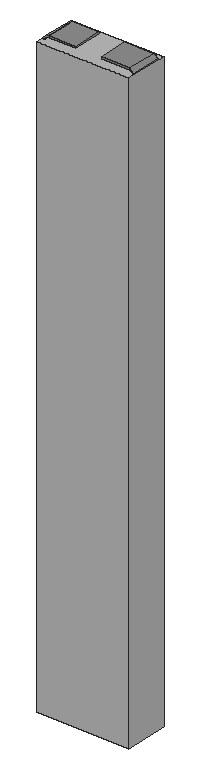
Revit family "Haworth_Intuity_BaseFeedCover", category Furniture Systems, Revit 2018
Family settings
  Round Connector Dimension = Use Diameter
  Part Type = Normal
  OmniClass Number = 23.40.70.14.64.21
  OmniClass Title = Systems Furniture
  Work Plane-Based = No
  Always vertical = Yes
  Cut with Voids When Loaded = No
  Shared = No
  Room Calculation Point = No
Parameters (values of type "Base Feed Cover")
  Warranty = "https://library.haworth.com/bin/haworth/downloadasset?path=/content/dam/digital/north-american-assets/order-support/warranties/Haworth%20North%20America%20Warranty%201-1-2020.pdf"
  URL - Product = "https://www.haworth.com/na/en/products/benching-desking/intuity.html"
  URL = "www.haworth.com"
  Support Inset = 1/4"  # constant formula
  Support Finish = Haworth _ Paint _ Metallic Silver
  Size = "Verify Final Dim. w/ Haworth"  # constant formula
  Revision Number = "1"  # constant formula
  Model = "Intuity"  # constant formula
  Manufacturer = "Haworth"  # constant formula
  Description = "Haworth - Intuity - Base Feed Cover"
  Bracket Finish = Haworth _ Paint _ Graphite
  Author = "Haworth (Alias)"  # constant formula
  Assembly Code = "E2020200"
  Actual Width = 4 1/4"  # constant formula
  Actual Height = 28"  # constant formula
  Actual Depth = 2"  # constant formula
Reference planes (in)
  plane 1: z = 0
  plane 2 "Center L/R": x = 8.5
  plane 3 "Support Left Edge": x = 6.375
  plane 4 "Support Right Edge": x = 10.625
  plane 5 "Support Top": z = 28
  plane 6 "Center F/B": y = -7.86431
  plane 7 "Front": y = -8.86431
  plane 8 "Back": y = -6.86431
  plane 9: z = 0.42194
  plane 10: z = 27.8125
Forms (in)
  Extrusion 1, solid, material "Haworth _ Paint _ Metallic Silver" <- "Support Finish"
    sketch origin (0, 0, 0) x (1, 0, 0) y (0, 1, 0)
      loop
        line (6.375, -6.86431) -> (6.375, -8.86431) -> (10.625, -8.86431) -> (10.625, -6.86431) -> (6.375, -6.86431)
    from 0 to 27.8125
  Sweep 2, solid, material "Haworth _ Paint _ Graphite" <- "Bracket Finish"
    path origin (0, 0, 28) x (-1, 0, 0) y (0, -1, 0)
      loop
        line (-8.5, 7.17681) -> (-8.5, 8.55181)
    profile origin (8.5, -7.86431, 28) x (1, 0, 0) y (0, 0, 1)
      loop
        line (0.605, -0.07) -> (1.935, -0.07) -> (2.035, -0.17) -> (2.035, -3.2) -> (2.105, -3.2) -> (2.105, -0.17) -> (1.935, 0) -> (0.605, 0) -> (0.605, -0.07)
      loop
        line (-0.605, -0.07) -> (-0.605, 0) -> (-1.935, 0) -> (-2.105, -0.17) -> (-2.105, -3.2) -> (-2.035, -3.2) -> (-2.035, -0.17) -> (-1.935, -0.07) -> (-0.605, -0.07)
Lines and regions (in)
  Masking region 1
    outline origin (0, 0, 28) x (-1, 0, 0) y (0, -1, 0)
      loop
        line (-6.375, 6.86431) -> (-6.375, 8.86431) -> (-10.625, 8.86431) -> (-10.625, 6.86431) -> (-6.375, 6.86431)
Dimensions and locks (in)
  "Actual Width": plane 3 "Support Left Edge" to plane 4 "Support Right Edge"
  equal spacing: plane 3 "Support Left Edge", plane 2 "Center L/R", plane 4 "Support Right Edge"
  "Actual Height": plane 5 "Support Top" to level
  "Actual Height": plane 5 "Support Top" to plane 1
  equal spacing: plane 8 "Back", plane 6 "Center F/B", plane 7 "Front"
  "Actual Depth": plane 8 "Back" to plane 7 "Front"
  locked: plane 5 "Support Top" to plane 10 at 0.1875
  Sweep 2 sketch curve to plane 6 "Center F/B" to Sweep 2 sketch curve = 11/16" locked, 11/16" locked
  aligned and locked: Extrusion 1 sketch curve to plane 4 "Support Right Edge"
  aligned and locked: plane 8 "Back" to Extrusion 1 sketch curve
  aligned and locked: Extrusion 1 sketch curve to plane 3 "Support Left Edge"
  aligned and locked: plane 7 "Front" to Extrusion 1 sketch curve
  aligned and locked: Extrusion 1 to plane 1
  aligned and locked: Extrusion 1 to plane 10
  aligned and locked: Sweep 2 sketch curve to plane 2 "Center L/R"
  aligned and locked: Masking region 1 sketch curve to plane 4 "Support Right Edge"
  aligned and locked: plane 8 "Back" to Masking region 1 sketch curve
  aligned and locked: Masking region 1 sketch curve to plane 3 "Support Left Edge"
  aligned and locked: plane 7 "Front" to Masking region 1 sketch curve
Automatic sketch dimensions
  Sweep 2 sketch curve to plane 5 "Support Top" = 0"  (x2)
  Sweep 2 sketch curve to plane 5 "Support Top" = 0.17"
  profile plane to Sweep 2 sketch curve = 2.105"
  Sweep 2 sketch curve to Sweep 2 sketch curve = 0.07"  (x2)
  Sweep 2 sketch curve to plane 5 "Support Top" = 0.07"  (x2)
  Sweep 2 sketch curve to Sweep 2 sketch curve = 0.1"  (x2)
  Sweep 2 sketch curve to Sweep 2 sketch curve = 0"  (x4)
  profile plane to Sweep 2 sketch curve = 0.605"
  Sweep 2 sketch curve to profile plane = 0.605"
  Sweep 2 sketch curve to Sweep 2 sketch curve = 1.33"
  Sweep 2 sketch curve to profile plane = 2.035"
  Sweep 2 sketch curve to Sweep 2 sketch curve = 3.03"  (x2)
